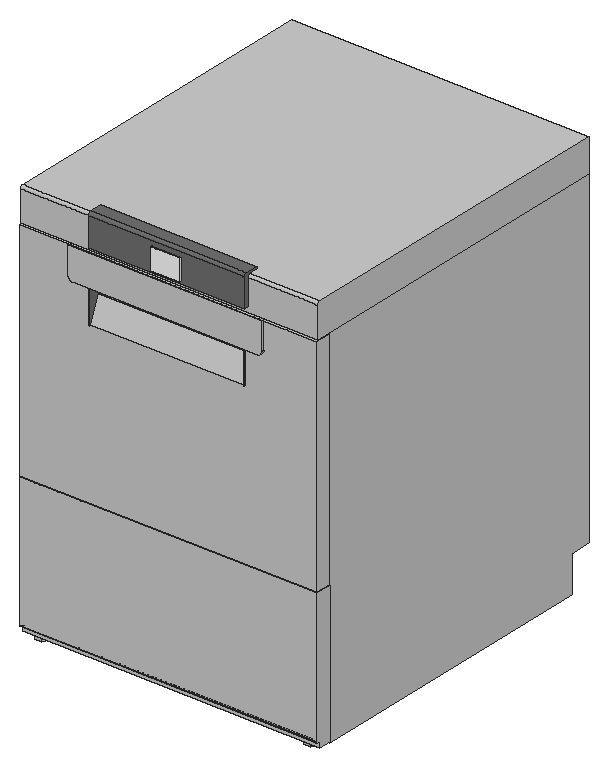
Revit family "Fi46", category Equipement spécialisé, Revit 2023
Family settings
  Cote de connecteur circulaire = Utiliser le diamètre
  Type d'élément = Normal
  Numéro OmniClass = 23.40.40.14
  Titre OmniClass = Food Service Equipment
  Basée sur le plan de construction = Non
  Autoriser la découpe dans les vues = Non
  Toujours verticalement = Oui
  Couper avec des vides une fois chargée = Non
  Conserver l'orientation des annotations = Non
  Partagée = Non
  Repère de localisation dans la pièce = Non
Parameters (values of type "6F0091")
  URL catalogo = "https://comenda.fr/pdf/docs/Infinity/Infinity.pdf"
  URL = "www.comenda.fr"
  Tensione = 400 V
  Temperatura raccomandata per acqua calda = 50 °C
  Stand feet kit = no
  Show Logo [instance] = yes
  Show Clearance [instance] = yes
  Protezione contro le sovracorrenti = 16 A
  Elévation par défaut = 0 mm
  Profondità = 685 mm
  Pressione minima acqua calda = 2000.0 Pa
  Potenza elettrica = 6550 W
  Peso netto = 62.00 kg
  Numero dei poli = 3
  Modèle = "Fi45 R"
  Fabricant = "COMENDA"
  Lunghezza = 600 mm
  HEIGHT FROM THE FLOOR = 5 mm
  Frequenza = 50 Hz
  Fase = 3
  Diametro raccordo acqua calda = 3/4"
  Diametro dello scarico diretto di acqua = 1 3/8"
  Description = "MULTIPOWER DOUBLE WALL GLASS WASHER WITH HR DRAIN PUMP, PERISTALTIC DOSERS, RCD AND WATER SOFTENER"
  Corrente di funzionamento normale = 10.2 A
  Assembly Code = ""
  Base stand with door = no
  Altezza dello scarico diretto acqua da pavimento finito = 51 mm
  Altezza da terra raccordo acqua calda = 51 mm
  Altezza allacciamento elettrico da pavimento finito = 38 mm
  Altezza = 820 mm
Reference planes
  plane 1 "Back": y = 0
  plane 2: z = 0
  plane 3 "Left": x = 0
  plane 4 "Right": x = 600
  plane 5 "Front": y = -685
  plane 6 "Top": z = 820
Forms (mm)
  Extrusion 1, solid
    sketch origin (0, 0, 555) x (1, 0, 0) y (0, 1, 0)
      loop
        line (21.3, -49.113) -> (14.1, -61.584) -> (21.3, -74.054) -> (35.7, -74.054) -> (42.9, -61.584) -> (35.7, -49.113) -> (21.3, -49.113)
      loop
        line (563.3, -49.113) -> (556.1, -61.584) -> (563.3, -74.054) -> (577.7, -74.054) -> (584.9, -61.584) -> (577.7, -49.113) -> (563.3, -49.113)
      loop
        line (21.3, -648.113) -> (14.1, -660.584) -> (21.3, -673.054) -> (35.7, -673.054) -> (42.9, -660.584) -> (35.7, -648.113) -> (21.3, -648.113)
      loop
        line (563.3, -648.113) -> (556.1, -660.584) -> (563.3, -673.054) -> (577.7, -673.054) -> (584.9, -660.584) -> (577.7, -648.113) -> (563.3, -648.113)
    from -555 to -548.5
  Extrusion 2, solid
    sketch origin (0, 0, 550) x (1, 0, 0) y (0, 1, 0)
      loop
        circle (28.5, -61.584) r 9
      loop
        circle (570.5, -61.584) r 9
      loop
        circle (28.5, -660.584) r 9
      loop
        circle (570.5, -660.584) r 9
    from -543.5 to -541.3
  Extrusion 3, solid
    sketch origin (0, 0, 449.5) x (0, 1, 0) y (0, 0, 1)
      loop
        arc (-677.594, 366.5) -> (-681.129, 365.036) -> (-682.594, 361.5) r 5
        line (-682.594, 361.5) -> (-682.594, 298.5) -> (0, 298.5) -> (0, 366.5) -> (-677.594, 366.5)
    from 0 to 600
  Extrusion 4, solid
    sketch origin (0, 0, 550) x (0, 1, 0) y (0, 0, 1)
      loop
        line (-653.297, 198) -> (-653.297, -543.5) -> (-42.297, -543.5) -> (-42.297, -469.3) -> (0, -469.3) -> (0, 198) -> (-653.297, 198)
    from 0 to 600
  Extrusion 5, solid
    sketch origin (0, 0, 550) x (0, 1, 0) y (0, 0, 1)
      loop
        line (-653.297, -541.3) -> (-653.297, -259.054) -> (-684.984, -259.054) -> (-684.984, -528.054)
        arc (-684.984, -528.054) -> (-684.281, -529.751) -> (-682.584, -530.454) r 2.4
        line (-682.584, -530.454) -> (-680.384, -530.454)
        arc (-680.384, -530.454) -> (-679.252, -530.922) -> (-678.784, -532.054) r 1.6
        line (-678.784, -532.054) -> (-678.784, -541.3) -> (-653.297, -541.3)
    from 0 to 600
  Extrusion 6, solid
    sketch origin (1000, -655.984, 550) x (1, 0, 0) y (0, 0, 1)
      loop
        line (-1000, 196.042) -> (-1000, -257.058) -> (-400, -257.058) -> (-400, 196.042) -> (-1000, 196.042)
    from 0 to 29
  Extrusion 7, solid, visible <- "Show Clearance", detail levels coarse
    sketch origin (0, -2.39, 542.058) x (0, 1, 0) y (0, 0, 1)
      loop
        arc (-682.594, 204.606) -> (-999.337, 70.145) -> (-1122.624, -251.112) r 440.3
        line (-1122.624, -251.112) -> (-682.594, -251.112) -> (-682.594, 204.606)
    from 0 to 600
  Extrusion 8, solid
    sketch origin (0, -691.863, 762.768) x (0, 0, 1) y (-1, 0, 0)
      loop
        line (-0.768, -270.988) -> (-0.768, -329) -> (42.232, -329) -> (42.232, -270.988) -> (-0.768, -270.988)
    from -2 to 0.5
  Extrusion 9, void
    sketch origin (0, -655.984, 750.792) x (0, 0, 1) y (0, -1, 0)
      loop
        line (-29.792, 29) -> (-136.792, 29) -> (-87.792, 9) -> (-29.792, 9) -> (-29.792, 29)
    from 140 to 454
  Extrusion 10, solid
    sketch origin (454, -655.984, 750.792) x (0, 0, -1) y (0, -1, 0)
      loop
        line (29.792, 29) -> (29.792, 9) -> (87.792, 9) -> (136.792, 29) -> (29.792, 29)
    from 0 to 2
  Extrusion 11, solid
    sketch origin (140, -655.984, 750.792) x (0, 0, 1) y (0, -1, 0)
      loop
        line (-29.792, 29) -> (-136.792, 29) -> (-87.792, 9) -> (-29.792, 9) -> (-29.792, 29)
    from 0 to 2
  Extrusion 12, solid
    sketch origin (0, -684.984, 846.664) x (0, 0, -1) y (-1, 0, 0)
      loop
        line (100.664, -100.009) -> (100.664, -490.988) -> (155.621, -490.988)
        arc (155.621, -490.988) -> (161.313, -488.63) -> (163.671, -482.938) r 8.05
        line (163.671, -482.938) -> (163.671, -110.009)
        arc (163.671, -110.009) -> (160.742, -102.938) -> (153.671, -100.009) r 10
        line (153.671, -100.009) -> (100.664, -100.009)
    from 2.406 to -3.6
  Extrusion 13, solid
    sketch origin (0, -42.297, 8.7) x (0, 0, 1) y (1, 0, 0)
      loop
        circle (29.3, 281) r 20
    from 0 to 20
  Extrusion 14, solid
    sketch origin (0, -42.297, 80.7) x (1, 0, 0) y (0, -1, 0)
      loop
        circle (478, -17.297) r 9.55
      loop
        circle (72, -17.297) r 13.5
    from 0 to 2
  Extrusion 15, solid
    sketch origin (0.488, 0, 551.264) x (0, -1, 0) y (0, 0, 1)
      loop
        line (682.594, 205.58) -> (689.473, 205.58) -> (689.473, 262.736)
        arc (689.473, 262.736) -> (687.716, 266.979) -> (683.473, 268.736) r 6
        line (683.473, 268.736) -> (658.594, 268.736) -> (658.594, 264.736) -> (677.594, 264.736)
        arc (677.594, 264.736) -> (681.129, 263.272) -> (682.594, 259.736) r 5
        line (682.594, 259.736) -> (682.594, 205.58)
    from -142 to -457
Cuts and joins
  Extrusion 9 cuts Extrusion 6
  Extrusion 9 cuts Extrusion 7
Lines and regions (mm)
  symbolic lines, style "200-EquipBorder-2D"
    curve 1: line (0, 0, 0) -> (600, 0, 0)
    curve 2: line (0, -684.984, 0) -> (0, 0, 0)
    curve 3: line (600, -684.984, 0) -> (0, -684.984, 0)
    curve 4: line (600, 0, 0) -> (600, -684.984, 0)
  symbolic lines, style "QF_Door-Drawer Clearances", visible <- "Show Clearance"
    curve 5: line (600, -1125.014, 0) -> (0, -1125.014, 0)
    curve 6: line (0, -684.984, 0) -> (0, -1125.014, 0)
    curve 7: line (600, -1125.014, 0) -> (600, -684.984, 0)
Dimensions and locks
  "Lunghezza": plane 3 "Left" to plane 4 "Right"
  "Profondità": plane 5 "Front" to plane 1 "Back"
  plane 6 "Top" to level = 820 mm
  Extrusion 4 to Extrusion 4 = 741.5 mm
  Extrusion 3 to Extrusion 4 = 68 mm
  Extrusion 1 to Extrusion 4 = 0 mm
  locked: Extrusion 1 to Extrusion 1 at 6.5
  plane 6 "Top" to Extrusion 3 = 4 mm
  "Altezza": plane 6 "Top" to level
  Extrusion 5 to level = 8.7 mm
  "Lunghezza": plane 4 "Right" to plane 3 "Left"
  aligned and locked: level to plane 2
  aligned and locked: Extrusion 2 to Extrusion 1
Automatic sketch dimensions
  plane 1 "Back" to curve 1 = 0 mm
  curve 1 to plane 3 "Left" = 0 mm
  curve 5 to plane 4 "Right" = 0 mm
  plane 5 "Front" to curve 4 = 0.016 mm
  curve 6 to plane 5 "Front" = 440.014 mm
  plane 3 "Left" to Extrusion 1 sketch curve = 14.1 mm  (x2)
  Extrusion 1 sketch curve to Extrusion 1 sketch curve = 7.2 mm  (x12)
  plane 5 "Front" to Extrusion 1 sketch curve = 11.946 mm  (x2)
  Extrusion 1 sketch curve to Extrusion 1 sketch curve = 14.4 mm  (x8)
  plane 4 "Right" to Extrusion 1 sketch curve = 43.9 mm  (x2)
  Extrusion 1 sketch curve to Extrusion 1 sketch curve = 12.471 mm  (x12)
  plane 1 "Back" to Extrusion 1 sketch curve = 74.054 mm  (x2)
  plane 3 "Left" to Extrusion 2 sketch curve = 28.5 mm  (x2)
  plane 4 "Right" to Extrusion 2 sketch curve = 29.5 mm  (x2)
  plane 5 "Front" to Extrusion 2 sketch curve = 24.416 mm  (x2)
  plane 1 "Back" to Extrusion 2 sketch curve = 61.584 mm  (x2)
  Extrusion 3 sketch curve to plane 1 "Back" = 0 mm
  Extrusion 3 sketch curve to plane 6 "Top" = 4 mm
  plane 5 "Front" to Extrusion 3 sketch curve = 7.406 mm
  plane 5 "Front" to Extrusion 3 sketch curve = 2.406 mm
  Extrusion 3 sketch curve to Extrusion 3 sketch curve = 63 mm
  Extrusion 4 sketch curve to plane 1 "Back" = 0 mm
  plane 1 "Back" to Extrusion 4 sketch curve = 42.297 mm
  plane 5 "Front" to Extrusion 4 sketch curve = 31.703 mm
  level to Extrusion 4 sketch curve = 6.5 mm
  level to Extrusion 4 sketch curve = 80.7 mm
  Extrusion 4 sketch curve to plane 6 "Top" = 72 mm
  plane 5 "Front" to Extrusion 5 sketch curve = 0.016 mm
  plane 5 "Front" to Extrusion 5 sketch curve = 2.416 mm
  Extrusion 5 sketch curve to Extrusion 5 sketch curve = 2.2 mm
  Extrusion 5 sketch curve to Extrusion 5 sketch curve = 1.6 mm
  level to Extrusion 5 sketch curve = 8.7 mm
  Extrusion 5 sketch curve to Extrusion 5 sketch curve = 25.487 mm
  Extrusion 5 sketch curve to Extrusion 5 sketch curve = 9.246 mm
  Extrusion 5 sketch curve to Extrusion 5 sketch curve = 269 mm
  Extrusion 6 sketch curve to plane 3 "Left" = 0 mm
  plane 4 "Right" to Extrusion 6 sketch curve = 0 mm
  level to Extrusion 6 sketch curve = 292.942 mm
  Extrusion 6 sketch curve to plane 6 "Top" = 73.958 mm
  Extrusion 7 sketch curve to plane 5 "Front" = 440.014 mm
  plane 5 "Front" to Extrusion 7 sketch curve = 0.016 mm
  level to Extrusion 7 sketch curve = 290.946 mm
  Extrusion 7 sketch curve to Extrusion 7 sketch curve = 15.418 mm
  Extrusion 8 sketch curve to plane 6 "Top" = 58 mm
  Extrusion 8 sketch curve to plane 6 "Top" = 15 mm
  plane 4 "Right" to Extrusion 8 sketch curve = 271 mm
  Extrusion 8 sketch curve to Extrusion 8 sketch curve = 58.012 mm
  Extrusion 9 sketch curve to Extrusion 6 = 0 mm
  Extrusion 9 sketch curve to Extrusion 6 = 132.042 mm
  Extrusion 9 sketch curve to Extrusion 6 = 9 mm
  Extrusion 9 sketch curve to Extrusion 9 sketch curve = 49 mm
  Extrusion 9 sketch curve to Extrusion 6 = 25.042 mm
  Extrusion 10 sketch curve to Extrusion 9 = 0 mm  (x4)
  Extrusion 9 to Extrusion 10 sketch curve = 0 mm
  Extrusion 11 sketch curve to Extrusion 9 = 0 mm  (x4)
  Extrusion 9 to Extrusion 11 sketch curve = 0 mm
  Extrusion 12 sketch curve to Extrusion 7 = 0.664 mm
  Extrusion 12 sketch curve to Extrusion 7 = 53.671 mm
  Extrusion 12 sketch curve to Extrusion 12 sketch curve = 54.957 mm
  Extrusion 12 sketch curve to Extrusion 12 sketch curve = 8.05 mm
  Extrusion 7 to Extrusion 12 sketch curve = 109.012 mm
  Extrusion 7 to Extrusion 12 sketch curve = 110.009 mm
  Extrusion 4 to Extrusion 13 sketch curve = 31.5 mm
  Extrusion 4 to Extrusion 13 sketch curve = 281 mm
  Extrusion 14 sketch curve to Extrusion 4 = 17.297 mm  (x2)
  Extrusion 14 sketch curve to Extrusion 4 = 72 mm
  Extrusion 14 sketch curve to Extrusion 4 = 122 mm
  Extrusion 15 sketch curve to plane 6 "Top" = 0 mm
  plane 5 "Front" to Extrusion 15 sketch curve = 26.406 mm
  plane 5 "Front" to Extrusion 15 sketch curve = 7.406 mm
  plane 5 "Front" to Extrusion 15 sketch curve = 2.406 mm
  plane 5 "Front" to Extrusion 15 sketch curve = 1.527 mm
  Extrusion 15 sketch curve to plane 5 "Front" = 4.473 mm
  Extrusion 15 sketch curve to Extrusion 15 sketch curve = 3 mm
  Extrusion 15 sketch curve to Extrusion 15 sketch curve = 54.157 mm
  radius of Extrusion 2 sketch curve = 9 mm  (x4)
  radius of Extrusion 13 sketch curve = 20 mm
  radius of Extrusion 14 sketch curve = 9.55 mm
  radius of Extrusion 14 sketch curve = 13.5 mm
Connectors
  electrical at (281, -22.297, 38), driven by "Numero dei poli", driven by "Tensione", driven by "Potenza elettrica"
    settings: on Extrusion 13, index 1, voltage 400 V, apparent load 6550 VA, apparent load phase1 0 VA, apparent load phase2 0 VA, apparent load phase3 0 VA, power factor 1, load classification "Altro", number of poles 3, system type 30, power factor state 1, is connector primary yes, connector utility no, sub classification motor no, connector description "QF_ELECTRICAL CONNECTION"
  piping at (478, -25, 78.7), diameter 19.05, driven by "Diametro raccordo acqua calda"
    settings: on Extrusion 14, index 2, connector inside diameter 24", connector length 0 mm, flow factor 0, pipe flow 0.0 L/s, pressure drop 0.0 Pa, fitting loss kfactor 0, connector angle 0.00°, fixture units 0, engagement length 0 mm, angle of deflection 0.00°, flow configuration 0, flow direction 1, fitting loss method 0, system type 19, joint type 0, gender type 0, connector reference index -1, connector utility 0, adjustable connector no, is connector primary yes, connector description "QF_WATER_CONNECTION"
  piping at (72, -25, 78.7), diameter 34.925, driven by "Diametro dello scarico diretto di acqua"
    settings: on Extrusion 14, index 3, connector inside diameter 24", connector length 0 mm, flow factor 0, pipe flow 0.0 L/s, pressure drop 0.0 Pa, fitting loss kfactor 0, connector angle 0.00°, fixture units 0, engagement length 0 mm, angle of deflection 0.00°, flow configuration 0, flow direction 2, fitting loss method 0, system type 19, joint type 0, gender type 0, connector reference index -1, connector utility 0, adjustable connector no, is connector primary no, connector description "QF_DRAIN_CONNECTION"
